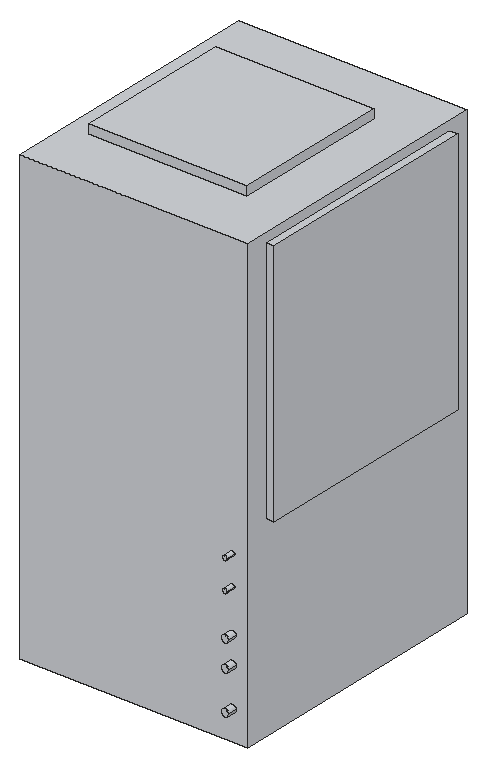
Revit family "M_WSHP - Vertical - Alta eficiência - 7-18 kW - Retorno direito - Descarga superior", category Equipamento mecânico, Revit 2019
Family settings
  Cota do conector redondo = Usar raio
  Tipo de parte = Normal
  Número OmniClass = 23.75.10.21.17
  Título OmniClass = Water-Source Heat Pumps
  ID de item do Seek = WSHP - Vertical - High Efficiency - 7-18 kW - Right Return - Top Discharge-0000-CAN-ENU
  Com base no plano de trabalho = Não
  Sempre na vertical = Sim
  Corte com vazios quando carregada = Não
  Compartilhado = Não
  Ponto de cálculo do ambiente = Não
Parameters (values of type "11 kW")
  Raio do fornecimento de água = 10 mm
  Diâmetro do fornecimento de água = Raio do fornecimento de água * 2  # 20 mm
  Raio do retorno da água = 10 mm
  Diâmetro do retorno da água = Raio do retorno da água * 2  # 20 mm
  Queda de pressão da água [instance] = 31026.4 Pa
  Fluxo da água [instance] = 0.57 L/s
  Voltagem = 208 V
  Altura do ar de fornecimento = 450 mm
  Largura do ar de fornecimento = 450 mm
  Largura do ar de retorno = 650 mm
  Altura do ar de retorno = 700 mm
  Largura da bomba = 777.3 mm
  Material da bomba = none
  Comprimento da bomba = 645.1 mm
  Altura da bomba = 1282.7 mm
  Número de pólos = 3
  Classificação de carga = Refrigeração
  Raio do fornecimento de água quente = 6 mm
  Diâmetro do fornecimento de água quente = Raio do fornecimento de água quente * 2  # 12 mm
  Raio do retorno de água quente = 6 mm
  Diâmetro do retorno de água quente = Raio do retorno de água quente * 2  # 12 mm
  Fluxo da água quente [instance] = 0.5 L/s
  Raio da condensação = 10 mm
  Fluxo da drenagem [instance] = 0.0 L/s
  Diâmetro da condensação = Raio da condensação * 2  # 20 mm
  C6 Deslocamento 1 = 25.4 mm
  C5 Deslocamento 2 = 160 mm
  C5 Deslocamento 1 = 134.6 mm
  C4 Deslocamento 1 = 396.3 mm
  C3 Deslocamento 1 = 480 mm
  C2 Deslocamento 1 = 274.3 mm
  C1 Deslocamento 1 = 86.3 mm
  Carga aparente = 5283 VA
  Pressão estática externa [instance] = 149.3 Pa
  Fluxo de ar [instance] = 566.34 L/s
Types (5, lengths in mm): name | Raio do fornecimento de água | Diâmetro do fornecimento de água | Raio do retorno da água | Diâmetro do retorno da água | Queda de pressão da água | Fluxo da água | Altura do ar de fornecimento | Largura do ar de fornecimento | Largura do ar de retorno | Altura do ar de retorno | Largura da bomba | Comprimento da bomba | Altura da bomba | Fluxo da água quente | C5 Deslocamento 2 | C5 Deslocamento 1 | C4 Deslocamento 1 | C3 Deslocamento 1 | C2 Deslocamento 1 | C1 Deslocamento 1 | Carga aparente | Pressão estática externa | Fluxo de ar
  (no name) | 10 | 20 | 10 | 20 | 31026.4 Pa | 0.57 L/s | 450 | 450 | 650 | 700 | 777.3 | 645.1 | 1282.7 | 0.5 L/s | 160 | 134.6 | 396.3 | 480 | 274.3 | 86.3 | 5283 VA | 149.3 Pa | 566.34 L/s
  7 kW | 10 | 20 | 10 | 20 | 24131.6 Pa | 0.5 L/s | 350 | 350 | 550 | 700 | 650.3 | 568.9 | 1231.9 | 0.32 L/s | 147.3 | 124.4 | 353 | 429.2 | 254 | 53.4 | 3952 VA | 149.3 Pa | 377.56 L/s
  11 kW | 10 | 20 | 10 | 20 | 31026.4 Pa | 0.57 L/s | 450 | 450 | 650 | 700 | 777.3 | 645.1 | 1282.7 | 0.5 L/s | 160 | 134.6 | 396.3 | 480 | 274.3 | 86.3 | 5283 VA | 149.3 Pa | 566.34 L/s
  14 kW | 15 | 30 | 15 | 30 | 24821.1 Pa | 0.76 L/s | 450 | 450 | 650 | 800 | 777.3 | 645.1 | 1384.3 | 0.63 L/s | 160 | 134.6 | 396.3 | 480 | 274.3 | 86.3 | 6780 VA | 199.07 Pa | 755.12 L/s
  18 kW | 15 | 30 | 15 | 30 | 24821.1 Pa | 0.95 L/s | 450 | 450 | 650 | 900 | 777.3 | 645.1 | 1485.9 | 0.82 L/s | 160 | 134.6 | 396.3 | 480 | 274.3 | 86.3 | 7696 VA | 199.07 Pa | 943.89 L/s
Reference planes
  plane 1 "Centro (Frente/Trás)": y = 0
  plane 2: z = 0
  plane 3 "Centro (Esquerda/Direita)": x = 0
  plane 4: x = 645.1
  plane 5: y = 777.3
  plane 6: z = 1282.7
  plane 7: y = 617.3
  plane 8: y = 167.3
  plane 9: z = 1308.1
  plane 10: z = 91.44
  plane 11: x = 41.402
  plane 12: x = 602.428
  plane 13: z = 86.3
  plane 14: z = 198.12
  plane 15: z = 274.3
  plane 16: z = 396.3
  plane 17: z = 480
  plane 18: y = -25.4
  plane 19: x = 60.5
  plane 20: x = 510.5
  plane 21: y = 388.65
  plane 22: y = 63.65
  plane 23: y = 713.65
  plane 24: z = 1257.3
  plane 25: z = 557.3
  plane 26: x = 670.5
Forms (mm)
  Extrusion 1, solid, material <- "Material da bomba"
    sketch origin (0, 0, 0) x (1, 0, 0) y (0, 1, 0)
      loop
        line (0, 777.3) -> (0, 0) -> (645.1, 0) -> (645.1, 777.3) -> (0, 777.3)
    from 0 to 1282.7
  Extrusion 2, solid, material <- "Material da bomba"
    sketch origin (0, 0, 0) x (1, 0, 0) y (0, 1, 0)
      loop
        line (60.5, 617.3) -> (60.5, 167.3) -> (510.5, 167.3) -> (510.5, 617.3) -> (60.5, 617.3)
    from 1282.7 to 1308.1
  Extrusion 3, solid, material <- "Material da bomba"
    sketch origin (0, 0, 0) x (1, 0, 0) y (0, 0, 1)
      loop
        circle (41.402, 91.44) r 25.4
    from -25.4 to 0
  Extrusion 4, solid, material <- "Material da bomba"
    sketch origin (0, 0, 0) x (1, 0, 0) y (0, 0, 1)
      loop
        circle (602.428, 86.3) r 10
    from 0 to 25.4
  Extrusion 5, solid, material <- "Material da bomba"
    sketch origin (0, 0, 0) x (1, 0, 0) y (0, 0, 1)
      loop
        circle (602.428, 198.12) r 10
    from 0 to 25.4
  Extrusion 6, solid, material <- "Material da bomba"
    sketch origin (0, 0, 0) x (1, 0, 0) y (0, 0, 1)
      loop
        circle (602.428, 274.3) r 10
    from 0 to 25.4
  Extrusion 7, solid, material <- "Material da bomba"
    sketch origin (0, 0, 0) x (1, 0, 0) y (0, 0, 1)
      loop
        circle (602.428, 396.3) r 6
    from 0 to 25.4
  Extrusion 8, solid, material <- "Material da bomba"
    sketch origin (0, 0, 0) x (1, 0, 0) y (0, 0, 1)
      loop
        circle (602.428, 480) r 6
    from 0 to 25.4
  Extrusion 9, solid, material <- "Material da bomba"
    sketch origin (0, 0, 0) x (0, 1, 0) y (0, 0, 1)
      loop
        line (63.65, 1257.3) -> (63.65, 557.3) -> (713.65, 557.3) -> (713.65, 1257.3) -> (63.65, 1257.3)
    from 645.1 to 670.5
Cuts and joins
  joined: Extrusion 1, Extrusion 2, Extrusion 3, Extrusion 4, Extrusion 5, Extrusion 6, Extrusion 7, Extrusion 8, Extrusion 9
Dimensions and locks
  "Comprimento da bomba": plane 3 "Centro (Esquerda/Direita)" to plane 4
  "Largura da bomba": plane 5 to plane 1 "Centro (Frente/Trás)"
  "Altura da bomba": plane 6 to level
  "C5 Deslocamento 2": plane 5 to plane 7
  "Altura do ar de fornecimento": plane 7 to plane 8
  locked: plane 9 to plane 6 at 25.4
  locked: plane 10 to level at 91.44
  locked: plane 11 to plane 3 "Centro (Esquerda/Direita)" at 41.402
  locked: plane 4 to plane 12 at 42.672
  "C1 Deslocamento 1": plane 13 to level
  locked: plane 14 to level at 198.12
  "C2 Deslocamento 1": plane 15 to level
  "C4 Deslocamento 1": plane 16 to level
  "C3 Deslocamento 1": plane 17 to level
  locked: plane 18 to plane 1 "Centro (Frente/Trás)" at 25.4
  "C5 Deslocamento 1": plane 20 to plane 4
  "Largura do ar de fornecimento": plane 19 to plane 20
  equal spacing: plane 22, plane 21, plane 23
  "Largura do ar de retorno": plane 22 to plane 23
  equal spacing: plane 1 "Centro (Frente/Trás)", plane 21, plane 5
  "C6 Deslocamento 1": plane 6 to plane 24
  "Altura do ar de retorno": plane 24 to plane 25
  locked: plane 4 to plane 26 at 25.4
  "Raio do fornecimento de água": radius of Extrusion 4 sketch curve
  "Raio da condensação": radius of Extrusion 5 sketch curve
  "Raio do retorno da água": radius of Extrusion 6 sketch curve
  "Raio do retorno de água quente": radius of Extrusion 7 sketch curve
  "Raio do fornecimento de água quente": radius of Extrusion 8 sketch curve
  aligned and locked: plane 3 "Centro (Esquerda/Direita)" to Extrusion 1 sketch curve
  aligned and locked: Extrusion 1 sketch curve to plane 5
  aligned and locked: plane 1 "Centro (Frente/Trás)" to Extrusion 1 sketch curve
  aligned and locked: Extrusion 1 sketch curve to plane 4
  aligned and locked: plane 6 to Extrusion 1
  aligned and locked: Extrusion 1 to level
  aligned and locked: Extrusion 2 sketch curve to plane 7
  aligned and locked: plane 8 to Extrusion 2 sketch curve
  aligned and locked: plane 9 to Extrusion 2
  aligned and locked: Extrusion 2 to plane 6
  aligned and locked: plane 10 to Extrusion 3 sketch curve
  aligned and locked: plane 11 to Extrusion 3 sketch curve
  aligned and locked: plane 1 "Centro (Frente/Trás)" to Extrusion 3
  aligned and locked: plane 13 to Extrusion 4 sketch curve
  aligned and locked: plane 12 to Extrusion 4 sketch curve
  aligned and locked: plane 14 to Extrusion 5 sketch curve
  aligned and locked: plane 12 to Extrusion 5 sketch curve
  aligned and locked: plane 15 to Extrusion 6 sketch curve
  aligned and locked: plane 12 to Extrusion 6 sketch curve
  aligned and locked: plane 16 to Extrusion 7 sketch curve
  aligned and locked: plane 12 to Extrusion 7 sketch curve
  aligned and locked: plane 17 to Extrusion 8 sketch curve
  aligned and locked: plane 12 to Extrusion 8 sketch curve
  aligned and locked: Extrusion 8 to plane 18
  aligned and locked: Extrusion 8 to plane 1 "Centro (Frente/Trás)"
  aligned and locked: Extrusion 7 to Extrusion 8
  aligned and locked: Extrusion 7 to plane 1 "Centro (Frente/Trás)"
  aligned and locked: Extrusion 6 to Extrusion 7
  aligned and locked: Extrusion 6 to plane 1 "Centro (Frente/Trás)"
  aligned and locked: Extrusion 6 to Extrusion 5
  aligned and locked: Extrusion 5 to plane 1 "Centro (Frente/Trás)"
  aligned and locked: Extrusion 4 to Extrusion 5
  aligned and locked: Extrusion 4 to plane 1 "Centro (Frente/Trás)"
  aligned and locked: Extrusion 2 to plane 19
  aligned and locked: plane 20 to Extrusion 2
  aligned and locked: plane 22 to Extrusion 9 sketch curve
  aligned and locked: Extrusion 9 sketch curve to plane 24
  aligned and locked: plane 25 to Extrusion 9 sketch curve
  aligned and locked: Extrusion 9 sketch curve to plane 23
  aligned and locked: plane 26 to Extrusion 9
  aligned and locked: Extrusion 9 to plane 4
Automatic sketch dimensions
  Extrusion 2 sketch curve to plane 12 = 91.928 mm
  plane 11 to Extrusion 2 sketch curve = 19.098 mm
  radius of Extrusion 3 sketch curve = 25.4 mm
Connectors
  piping at (602.428, -25.4, 86.3), diameter 20, driven by "Fluxo da água", driven by "Raio do fornecimento de água"
    settings: on Extrusion 4, index 1, connector inside diameter 20 mm, connector length 0 mm, flow factor 0, pipe flow 0.57 L/s, pressure drop 0.0 Pa, fitting loss kfactor 0, connector angle 0.00°, fixture units 0, engagement length 0 mm, angle of deflection 0.00°, flow configuration 1, flow direction 1, fitting loss method 0, system type 7, joint type 0, gender type 0, connector reference index 2, connector utility 0, adjustable connector no, is connector primary yes, connector description "Entrada do fornecimento de água"
  piping at (602.428, -25.4, 274.3), diameter 20, driven by "Fluxo da água", driven by "Raio do retorno da água", driven by "Queda de pressão da água"
    settings: on Extrusion 6, index 2, connector inside diameter 20 mm, connector length 0 mm, flow factor 0, pipe flow 0.57 L/s, pressure drop 31026.4 Pa, fitting loss kfactor 0, connector angle 0.00°, fixture units 0, engagement length 0 mm, angle of deflection 0.00°, flow configuration 1, flow direction 2, fitting loss method 4, system type 8, joint type 0, gender type 0, connector reference index 1, connector utility 0, adjustable connector no, is connector primary no, connector description "Saída do retorno da água"
  piping at (602.428, -25.4, 480), diameter 12, driven by "Fluxo da água quente", driven by "Raio do fornecimento de água quente"
    settings: on Extrusion 8, index 3, connector inside diameter 12 mm, connector length 0 mm, flow factor 0, pipe flow 0.5 L/s, pressure drop 0.0 Pa, fitting loss kfactor 0, connector angle 0.00°, fixture units 0, engagement length 0 mm, angle of deflection 0.00°, flow configuration 0, flow direction 2, fitting loss method 0, system type 7, joint type 0, gender type 0, connector reference index 4, connector utility 0, adjustable connector no, is connector primary no, connector description "Saída do fornecimento de água quente"
  piping at (602.428, -25.4, 396.3), diameter 12, driven by "Fluxo da água quente", driven by "Raio do retorno de água quente"
    settings: on Extrusion 7, index 4, connector inside diameter 12 mm, connector length 0 mm, flow factor 0, pipe flow 0.5 L/s, pressure drop 0.0 Pa, fitting loss kfactor 0, connector angle 0.00°, fixture units 0, engagement length 0 mm, angle of deflection 0.00°, flow configuration 0, flow direction 1, fitting loss method 0, system type 8, joint type 0, gender type 0, connector reference index 3, connector utility 0, adjustable connector no, is connector primary no, connector description "Entrada do retorno de água quente"
  hvac at (285.5, 392.3, 1308.1), driven by "Fluxo de ar", driven by "Altura do ar de fornecimento", driven by "Largura do ar de fornecimento"
    settings: on Extrusion 2, index 5, duct flow 566.34 L/s, flow factor 0, pres drop 0.0 Pa, loss coef 0, conn angle 0.00°, conn width 450 mm, conn height 450 mm, conn diameter 609.6 mm, duct sys type 1, conn prof type 1, flow config 0, flow direction 2, loss method 0, conn ref index 6, conn util no, is conn primary yes, conn desc ""
  hvac at (670.5, 388.65, 907.3), driven by "Fluxo de ar", driven by "Altura do ar de retorno", driven by "Largura do ar de retorno"
    settings: on Extrusion 9, index 6, duct flow 566.34 L/s, flow factor 0, pres drop 0.0 Pa, loss coef 0, conn angle 0.00°, conn width 650 mm, conn height 700 mm, conn diameter 609.6 mm, duct sys type 2, conn prof type 1, flow config 0, flow direction 1, loss method 0, conn ref index 5, conn util no, is conn primary no, conn desc ""
  piping at (602.428, -25.4, 198.12), diameter 20, driven by "Fluxo da drenagem", driven by "Raio da condensação"
    settings: on Extrusion 5, index 7, connector inside diameter 20 mm, connector length 0 mm, flow factor 0, pipe flow 0.0 L/s, pressure drop 0.0 Pa, fitting loss kfactor 0, connector angle 0.00°, fixture units 0, engagement length 0 mm, angle of deflection 0.00°, flow configuration 1, flow direction 2, fitting loss method 0, system type 16, joint type 0, gender type 0, connector reference index -1, connector utility 0, adjustable connector yes, is connector primary no, connector description "Saída de condensação"
  electrical at (41.402, 0, 91.44), driven by "Carga aparente", driven by "Voltagem", driven by "Número de pólos", driven by "Classificação de carga"
    settings: on Extrusion 3, index 8, voltage 208 V, apparent load 5283 VA, apparent load phase1 0 VA, apparent load phase2 0 VA, apparent load phase3 0 VA, power factor 0.8, load classification "Refrigeração", number of poles 3, system type 30, power factor state 1, is connector primary yes, connector utility no, sub classification motor no, connector description ""
